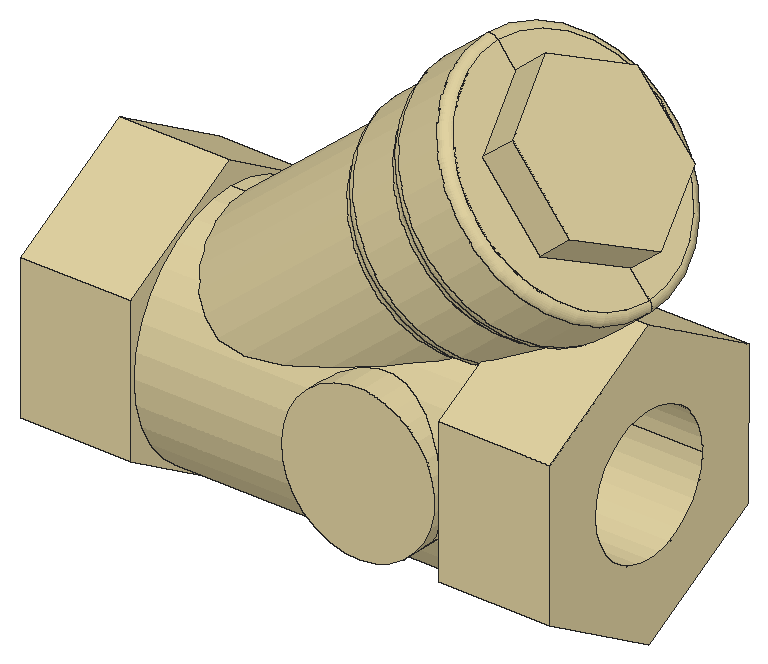
Revit family "DA02260000", category Apparecchi idraulici, Revit 2020
Family settings
  Quota connettore circolare = Usa diametro
  Tipo di parte = Normale
  Numero OmniClass = 23.45.00.00
  Titolo OmniClass = Sanitary, Laundry, and Cleaning Equipment
  Basato su piano di lavoro = No
  Sempre verticale = Sì
  Taglio con vuoti quando caricato = No
  Condiviso = No
  Punto di calcolo locali = No
Parameters
  URL = "https://web.cimberio.com/index.php/figura/1643?subcategoria_id=33"
  Temperatura di esercizio = "-10 ÷ 60°C"
  Prospetto di default = 0 mm
  Produttore = "CIMBERIO SPA"
  Pressione nominale = "PN 20"
  Modello = "Cim 74AGCRNL"
  Materiale = "Prodotto in lega di ottone “CR” – “DZR\" conforme alla norma EN 12165-CW511L-DW"
  Descrizione = "Utilizzato nell’impiantistica distributiva di gas a bassa pressione per le categorie:\r\nGas naturali: gas derivati dal petrolio (Metano) e gas di ricambio.\r\nGas di città: prodotti secondo i diversi procedimenti (Cracking - Cokerie - ecc.).\r\nGas liquidi: propano e miscele di gas propano/butano.\r\nProtegge e risolve le problematiche di installazione nella filtrazione dei gas, trattenendo impurità, sabbia, ruggine, trucioli metallici presenti nelle condutture, assicurando così una protezione totale all’impianto"
  DN Model [instance] = DA02261015 : DA02261015
  DN [instance] = 15 mm
  Commenti sul tipo = "Realizzato in ottemperanza ai requisiti gestionali della norma EN ISO 9001.\r\nCollaudato al 100% secondo la normativa EN 12266-1"
Reference planes
  plane 1 "Centro (Fronte/Retro)": y = 0
  plane 2: z = 0
  plane 3 "Centro (Sinistra/Destra)": x = 0
Dimensions and locks
  aligned and locked: level to plane 2
Nested families
  nested 1: "DA02261015" at (0, 0, 0), type <- "DN Model", type "DA02261015"
  nested 2: "DA02261015" at (0, 0, 0), type <- "DN Model", type "DA02261015"
  nested 3: "DA02261015" at (0, 0, 0), type <- "DN Model", type "DA02261015"
  nested 4: "DA02261015" at (0, 0, 0), type <- "DN Model", type "DA02261015"
  nested 5: "DA02261015" at (0, 0, 0), type <- "DN Model", type "DA02261015"
  nested 6: "DA02261015" at (0, 0, 0), type <- "DN Model", type "DA02261015"
  nested 7: "DA02261015" at (0, 0, 0), type <- "DN Model", type "DA02261015"
Connectors
  piping at (29.5, 0, 0), diameter 15, driven by "DN"
    settings: on nested 1, index 1, connector inside diameter 609.6 mm, connector length 0 mm, flow factor 0, pipe flow 0.0 L/s, pressure drop 0.0 Pa, fitting loss kfactor 0, connector angle 0.00°, fixture units 0, engagement length 0 mm, angle of deflection 0.00°, flow configuration 0, flow direction 0, fitting loss method 0, system type 7, joint type 0, gender type 0, connector reference index -1, connector utility 0, adjustable connector no, is connector primary yes, connector description ""
  piping at (-29.5, 0, 0), diameter 15, driven by "DN"
    settings: on nested 1, index 2, connector inside diameter 609.6 mm, connector length 0 mm, flow factor 0, pipe flow 0.0 L/s, pressure drop 0.0 Pa, fitting loss kfactor 0, connector angle 0.00°, fixture units 0, engagement length 0 mm, angle of deflection 0.00°, flow configuration 0, flow direction 0, fitting loss method 0, system type 7, joint type 0, gender type 0, connector reference index -1, connector utility 0, adjustable connector no, is connector primary no, connector description ""
Definition of nested family "DA02261015"
  Parameters (values of type "DA02261015")
    Default Elevation = 0 mm
  Reference planes
    plane 1 "Centro (Fronte/Retro)": y = 0
    plane 2: z = 0
    plane 3 "Centro (Sinistra/Destra)": x = 0
  Forms (mm)
    Revolve 1, solid
      sketch origin (0, 0, 0) x (1, 0, 0) y (0, 0, 1)
        loop
          line (-19, -13.477) -> (19, -13.477) -> (19, -7.5) -> (-19, -7.5) -> (-19, -13.477)
        axis (-19, 0) -> (19, 0)
      angle from 0 to 360
    Revolve 2, solid
      sketch origin (0.395, 0, -1.85) x (1, 0, 0) y (0, 0, 1)
        loop
          line (15.91, 36.061) -> (12.302, 40.36)
          arc (12.302, 40.36) -> (11.612, 40.72) -> (10.87, 40.486) r 1.017
          line (10.87, 40.486) -> (6.597, 36.9)
          arc (6.597, 36.9) -> (6.216, 36.404) -> (6.062, 35.799) r 1.559
          arc (6.062, 35.799) -> (5.909, 35.197) -> (5.533, 34.703) r 1.56
          line (5.533, 34.703) -> (1.109, 30.99)
          arc (1.109, 30.99) -> (0.725, 30.497) -> (0.576, 29.89) r 1.493
          arc (0.576, 29.89) -> (0.431, 29.291) -> (0.056, 28.801) r 1.493
          line (0.056, 28.801) -> (-19.963, 12.003) -> (-16.987, 8.457) -> (15.91, 36.061)
        axis (20.731, 30.316) -> (-12.167, 2.712)
      angle from 0 to 360
    Extrusion 3, solid
      sketch origin (0, 0, 0) x (0, 1, 0) y (0, 0, 1)
        loop
          circle (0, 0) r 7.5
        loop
          line (0, 16) -> (-13.856, 8) -> (-13.856, -8) -> (0, -16) -> (13.856, -8) -> (13.856, 8) -> (0, 16)
      from -29.5 to -17.201
    Extrusion 4, solid
      sketch origin (16.422, 0, 26.751) x (0, 1, 0) y (-0.642788, 0, 0.766044)
        loop
          line (0, 8.42) -> (-8.66, 3.42) -> (-8.66, -6.58) -> (0, -11.58) -> (8.66, -6.58) -> (8.66, 3.42) -> (0, 8.42)
      from 4.705 to 9.137
    Extrusion 5, solid
      sketch origin (0, 0, 0) x (0, 1, 0) y (0, 0, -1)
        loop
          circle (0, 0) r 7.5
        loop
          line (0, -16) -> (13.856, -8) -> (13.856, 8) -> (0, 16) -> (-13.856, 8) -> (-13.856, -8) -> (0, -16)
      from -29.5 to -17.201
    Extrusion 6, solid
      sketch origin (0, 0, 0) x (1, 0, 0) y (0, 0, 1)
        loop
          arc (-0.057, 0.246) -> (5.31, -7.944) -> (14.85, -5.741) r 8.56
          arc (14.85, -5.741) -> (11.69, 7.944) -> (-0.057, 0.246) r 8.56
      from -13.856 to 14.25
  Dimensions and locks
    aligned and locked: level to plane 2
